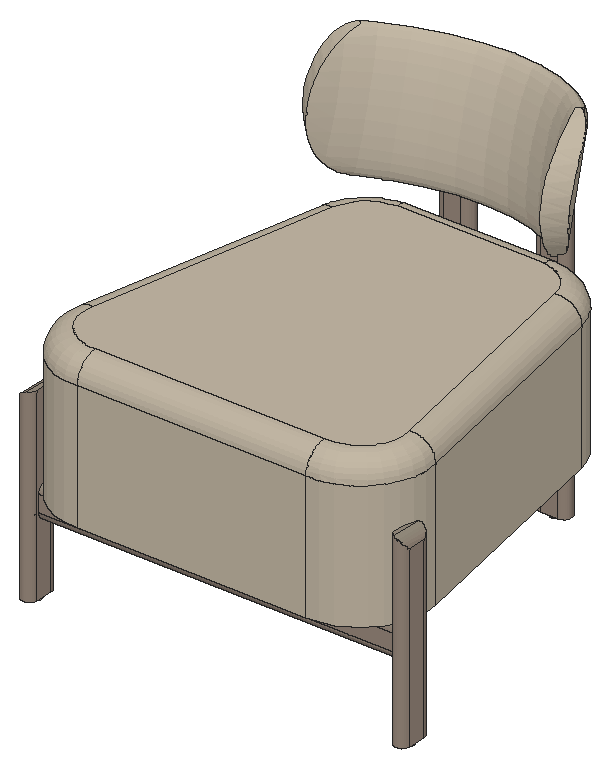
Revit family "FU_Chair_Sandler_Adora 5-2", category Furniture, Revit 2022
Family settings
  OmniClass Number = 23.40.20.00
  OmniClass Title = General Furniture and Specialties
  Work Plane-Based = No
  Always vertical = Yes
  Cut with Voids When Loaded = No
  Render Appearance Source = Family Geometry
  Shared = No
  Room Calculation Point = No
Parameters (values of type "Adora 5.2")
  Width = 670 mm
  URL = "https://www.sandlerseating.com/product/adora-5-2/"
  Seat [instance] = Fabric - Mainline Flax - Upminster MLF20
  Model = "Adora 5.2"
  Manufacturer = "Sandler"
  Height = 700 mm
  Frame [instance] = Ash - Walnut Stain
  Description = "Upholstered lounge chair on wood frame"
  Depth = 700 mm
  Default Elevation = 0 mm
Reference planes
  plane 1 "Center (Front/Back)": y = 0
  plane 2: z = 0
  plane 3 "Center (Left/Right)": x = 0
  plane 4 "Right": x = -335
  plane 5 "Left": x = 335
  plane 6 "Front": y = -350
  plane 7 "Back": y = 350
  plane 8 "Height": z = 700
  plane 9 "Seat height": z = 440
  plane 10 "FL RIGHT": y = -282.481
  plane 11 "BL RIGHT": y = 331.479
  plane 12 "Seat Frame RIGHT": z = 156.168
Forms (mm)
  Sweep 1, solid, material "Ash - Walnut Stain" <- "Frame"
    path origin (0, -282.481, 0) x (0, 0, -1) y (1, 0, 0)
      loop
        line (-6, -322) -> (-331, -322)
    profile "Pro_Ozo_Adora_Frame : Pro_Ozo_Adora_Frame" origin (-322, -282.481, 168.5) x (-1, 0, 0) y (0, -1, 0)
      loop
        arc (13, 15) -> (0, 28) -> (-13, 15) r 13
        line (-13, 15) -> (-13, -15)
        arc (-13, -15) -> (0, -28) -> (13, -15) r 13
        line (13, -15) -> (13, 15)
  Sweep 2, solid, material "Ash - Walnut Stain" <- "Frame"
    path origin (23.6, 331.479, 0) x (0, 0, -1) y (1, 0, 0)
      loop
        line (-6, -107.326) -> (-630.824, -107.326)
    profile "Pro_Ozo_Adora_Frame : Pro_Ozo_Adora_Frame" origin (-83.726, 331.479, 318.412) x (-1, 0, 0) y (0, -1, 0)
      loop
        arc (-15, 13) -> (-28, 0) -> (-15, -13) r 13
        line (-15, -13) -> (15, -13)
        arc (15, -13) -> (28, 0) -> (15, 13) r 13
        line (15, 13) -> (-15, 13)
  Extrusion 3, void
    sketch origin (0, -282.481, -215.853) x (0, 0, -1) y (1, 0, 0)
      loop
        arc (-523.152, -335.43) -> (-538.403, -330.401) -> (-546.853, -316.745) r 23.476
        line (-546.853, -316.745) -> (-551.853, -316.745) -> (-551.853, -340.43) -> (-523.152, -340.43) -> (-523.152, -335.43)
    from -38.331 to 38.415
  Extrusion 4, void
    sketch origin (0, -282.481, -215.853) x (0, 0, -1) y (1, 0, 0)
      loop
        line (-523.152, 335.43) -> (-523.152, 340.43) -> (-551.853, 340.43) -> (-551.853, 316.745) -> (-546.853, 316.745)
        arc (-546.853, 316.745) -> (-538.403, 330.401) -> (-523.152, 335.43) r 23.476
    from -38.331 to 38.415
  Extrusion 5, void
    sketch origin (0, -7.006, 72.12) x (0, 1, 0) y (0, 0, 1)
      loop
        line (357.006, 522.6) -> (362.006, 522.6) -> (362.006, 563.704) -> (326.085, 563.704) -> (326.085, 558.704)
        arc (326.085, 558.704) -> (348.426, 546.545) -> (357.006, 522.6) r 35.709
    from -142.131 to 143.915
  Sweep 6, solid, material "Ash - Walnut Stain" <- "Frame"
    path origin (0, 0, 156.168) x (0, -1, 0) y (1, 0, 0)
      loop
        line (282.481, -322) -> (282.481, 322)
    profile "Pro_Ozo_Adora_Frame : Pro_Ozo_Adora_Frame" origin (0, -282.481, 156.168) x (0, 1, 0) y (0, 0, 1)
      loop
        arc (13, 15) -> (0, 28) -> (-13, 15) r 13
        line (-13, 15) -> (-13, -15)
        arc (-13, -15) -> (0, -28) -> (13, -15) r 13
        line (13, -15) -> (13, 15)
  Sweep 7, solid, material "Ash - Walnut Stain" <- "Frame"
    path origin (-2.895, -24.092, 156.168) x (0, -1, 0) y (1, 0, 0)
      loop
        line (-209.579, -111.105) -> (-209.579, 116.895)
    profile "Pro_Ozo_Adora_Frame : Pro_Ozo_Adora_Frame" origin (0, 185.488, 156.168) x (0, 1, 0) y (0, 0, 1)
      loop
        arc (13, 15) -> (0, 28) -> (-13, 15) r 13
        line (-13, 15) -> (-13, -15)
        arc (-13, -15) -> (0, -28) -> (13, -15) r 13
        line (13, -15) -> (13, 15)
  Sweep 8, solid, material "Ash - Walnut Stain" <- "Frame"
    path origin (0, 0, 156.168) x (0, -1, 0) y (1, 0, 0)
      loop
        line (282.481, -193.694) -> (-331.479, -83.75)
    profile "Pro_Ozo_Adora_Frame : Pro_Ozo_Adora_Frame" origin (-138.722, 24.499, 156.168) x (-0.984342, 0.176269, 0) y (0, 0, 1)
      loop
        arc (13, 15) -> (0, 28) -> (-13, 15) r 13
        line (-13, 15) -> (-13, -15)
        arc (-13, -15) -> (0, -28) -> (13, -15) r 13
        line (13, -15) -> (13, 15)
  Extrusion 9, solid, material "Rubber, Black"
    sketch origin (23.6, 0, 0) x (1, 0, 0) y (0, 1, 0)
      loop
        circle (-107.35, 331.479) r 8.056
    from 0 to 10
  Sweep 10, solid, material "Ash - Walnut Stain" <- "Frame"
    path origin (0, -282.481, 0) x (0, 0, -1) y (1, 0, 0)
      loop
        line (-6, 322) -> (-331, 322)
    profile "Pro_Ozo_Adora_Frame : Pro_Ozo_Adora_Frame" origin (322, -282.481, 168.5) x (-1, 0, 0) y (0, -1, 0)
      loop
        line (-13, 15) -> (-13, -15)
        arc (-13, -15) -> (0, -28) -> (13, -15) r 13
        line (13, -15) -> (13, 15)
        arc (13, 15) -> (0, 28) -> (-13, 15) r 13
  Sweep 11, solid, material "Ash - Walnut Stain" <- "Frame"
    path origin (-23.6, 331.479, 0) x (0, 0, -1) y (1, 0, 0)
      loop
        line (-6, 107.326) -> (-630.824, 107.326)
    profile "Pro_Ozo_Adora_Frame : Pro_Ozo_Adora_Frame" origin (83.726, 331.479, 318.412) x (-1, 0, 0) y (0, -1, 0)
      loop
        line (-15, -13) -> (15, -13)
        arc (15, -13) -> (28, 0) -> (15, 13) r 13
        line (15, 13) -> (-15, 13)
        arc (-15, 13) -> (-28, 0) -> (-15, -13) r 13
  Sweep 12, solid, material "Ash - Walnut Stain" <- "Frame"
    path origin (0, 0, 156.168) x (0, -1, 0) y (1, 0, 0)
      loop
        line (282.481, 193.694) -> (-331.479, 83.75)
    profile "Pro_Ozo_Adora_Frame : Pro_Ozo_Adora_Frame" origin (138.722, 24.499, 156.168) x (-0.984342, -0.176269, 0) y (0, 0, 1)
      loop
        line (-13, 15) -> (-13, -15)
        arc (-13, -15) -> (0, -28) -> (13, -15) r 13
        line (13, -15) -> (13, 15)
        arc (13, 15) -> (0, 28) -> (-13, 15) r 13
  Extrusion 13, solid, material "Rubber, Black"
    sketch origin (-23.6, 0, 0) x (-1, 0, 0) y (0, -1, 0)
      loop
        circle (-107.35, -331.479) r 8.056
    from 0 to 10
  Extrusion 14, solid, material "Rubber, Black"
    sketch origin (-214.602, 48.998, 0) x (1, 0, 0) y (0, 1, 0)
      loop
        circle (-107.35, -331.479) r 8.056
    from 0 to 10
  Extrusion 15, solid, material "Rubber, Black"
    sketch origin (214.602, 48.998, 0) x (-1, 0, 0) y (0, -1, 0)
      loop
        circle (-107.35, 331.479) r 8.056
    from 0 to 10
  Extrusion 16, solid, material "Fabric - Mainline Flax - Upminster MLF20" <- "Seat"
    sketch origin (0, 0, 156.168) x (0, -1, 0) y (1, 0, 0)
      loop
        arc (214.175, -313.363) -> (310.077, -288.264) -> (350, -197.527) r 113.916
        line (350, -197.527) -> (350, 197.527)
        arc (350, 197.527) -> (310.076, 288.264) -> (214.173, 313.365) r 113.916
        line (214.173, 313.365) -> (-203.594, 231.202)
        arc (-203.594, 231.202) -> (-265.897, 194.616) -> (-292.668, 127.508) r 111.443
        line (-292.668, 127.508) -> (-292.668, -127.508)
        arc (-292.668, -127.508) -> (-265.654, -194.898) -> (-202.865, -231.348) r 111.443
        line (-202.865, -231.348) -> (214.175, -313.363)
    from 24.788 to 283.832
  Sweep 17, void
    path in 3D
      loop
        arc (197.527, -350, 440) -> (288.264, -310.076, 440) -> (313.363, -214.174, 440) r 113.916
        line (313.363, -214.174, 440) -> (231.202, 203.594, 440)
        arc (231.202, 203.594, 440) -> (194.616, 265.897, 440) -> (127.508, 292.668, 440) r 111.443
        line (127.508, 292.668, 440) -> (-127.508, 292.668, 440)
        arc (-127.508, 292.668, 440) -> (-194.898, 265.654, 440) -> (-231.348, 202.865, 440) r 111.443
        line (-231.348, 202.865, 440) -> (-313.363, -214.175, 440)
        arc (-313.363, -214.175, 440) -> (-288.264, -310.077, 440) -> (-197.527, -350, 440) r 113.916
        line (-197.527, -350, 440) -> (197.527, -350, 440)
    profile "Pro_edgeCut_40mm : Pro_edgeCut_40mm" origin (0, -350, 440) x (0, 1, 0) y (0, 0, 1)
      loop
        line (7.071, 21.213) -> (-21.213, -7.071) -> (0, -40)
        arc (0, -40) -> (11.716, -11.716) -> (40, 0) r 40
        line (40, 0) -> (7.071, 21.213)
  Sweep 18, solid, material "Fabric - Mainline Flax - Upminster MLF20" <- "Seat"
    path origin (0.252, 266.402, 587.47) x (0, -0.970296, 0.241922) y (1, 0, 0)
      loop
        arc (126.072, -239.845) -> (-57.413, -0.723) -> (126.072, 238.399) r 247.557
    profile "Pro_Ozo_Adora_BacktEdge : Pro_Ozo_Adora_BacktEdge" origin (-0.472, 322.109, 573.581) x (0, 0.970296, -0.241922) y (0, 0.241922, 0.970296)
      loop
        arc (1.473, -104.971) -> (5.001, -97.418) -> (6.5, -89.218) r 32.615
        line (6.5, -89.218) -> (6.5, 89.218)
        arc (6.5, 89.218) -> (5.001, 97.418) -> (1.473, 104.971) r 32.615
        spline (1.473, 104.971) -> (-6.221, 109.996) -> (-13.893, 104.373) -> (-20.802, 88.648) -> (-26.277, 64.341) -> (-29.79, 33.807) -> (-31, 0) -> (-29.79, -33.807) -> (-26.277, -64.341) -> (-20.802, -88.648) -> (-13.893, -104.373) -> (-6.221, -109.996) -> (1.473, -104.971)
  Extrusion 19, void
    sketch origin (-300.846, 488.964, -103.242) x (0.701836, 0.707107, -0.086175) y (0.121869, 0, 0.992546)
      loop
        line (-130.62, 865.273) -> (-324.397, 865.273) -> (-324.397, 572.417) -> (-130.62, 572.417) -> (-130.62, 598.019)
        spline (-130.62, 598.019) -> (-156.502, 601.767) -> (-180.62, 612.756) -> (-201.33, 630.237) -> (-217.222, 653.019) -> (-227.212, 679.548) -> (-230.62, 708.019) -> (-227.212, 736.489) -> (-217.222, 763.019) -> (-201.33, 785.8) -> (-180.62, 803.281) -> (-156.502, 814.27) -> (-130.62, 818.019)
        line (-130.62, 818.019) -> (-130.62, 865.273)
    from 153.514 to 291.931
  Extrusion 20, void
    sketch origin (301.349, 488.964, -103.242) x (-0.701836, 0.707107, -0.086175) y (0.121869, 0, -0.992546)
      loop
        line (-130.62, -865.273) -> (-130.62, -818.019)
        spline (-130.62, -818.019) -> (-156.502, -814.27) -> (-180.62, -803.281) -> (-201.33, -785.8) -> (-217.222, -763.019) -> (-227.212, -736.489) -> (-230.62, -708.019) -> (-227.212, -679.548) -> (-217.222, -653.019) -> (-201.33, -630.237) -> (-180.62, -612.756) -> (-156.502, -601.767) -> (-130.62, -598.019)
        line (-130.62, -598.019) -> (-130.62, -572.417) -> (-324.397, -572.417) -> (-324.397, -865.273) -> (-130.62, -865.273)
    from 153.514 to 291.931
Cuts and joins
  Extrusion 3 cuts Sweep 1
  Extrusion 4 cuts Sweep 10
  Extrusion 5 cuts Sweep 2
  Extrusion 5 cuts Sweep 11
  Sweep 17 cuts Extrusion 16
  Extrusion 19, Extrusion 20 cuts Sweep 18
Lines and regions (mm)
  sketch lines
    curve 1: line (-197.527, -350, 440) -> (197.527, -350, 440)
    curve 2: arc (313.363, -214.174, 440) -> (288.264, -310.076, 440) -> (197.527, -350, 440) r 113.916
    curve 3: line (313.365, -214.173, 440) -> (231.202, 203.594, 440)
    curve 4: arc (127.508, 292.668, 440) -> (194.616, 265.897, 440) -> (231.202, 203.594, 440) r 111.443
    curve 5: line (127.508, 292.668, 440) -> (-127.508, 292.668, 440)
    curve 6: arc (-231.348, 202.865, 440) -> (-194.898, 265.654, 440) -> (-127.508, 292.668, 440) r 111.443
    curve 7: line (-231.348, 202.865, 440) -> (-313.363, -214.175, 440)
    curve 8: arc (-197.527, -350, 440) -> (-288.264, -310.077, 440) -> (-313.363, -214.175, 440) r 113.916
Dimensions and locks
  equal spacing: plane 4 "Right", plane 3 "Center (Left/Right)", plane 5 "Left"
  "Width": plane 4 "Right" to plane 5 "Left"
  equal spacing: plane 6 "Front", plane 1 "Center (Front/Back)", plane 7 "Back"
  "Depth": plane 6 "Front" to plane 7 "Back"
  "Height": plane 8 "Height" to level
  aligned and locked: level to plane 2
Automatic sketch dimensions
  Sweep 1 sketch curve to plane 4 "Right" = 13 mm
  Sweep 1 sketch curve to plane 9 "Seat height" = 109 mm
  level to Sweep 1 sketch curve = 6 mm
  Sweep 2 sketch curve to plane 8 "Height" = 69.176 mm
  Sweep 2 sketch curve to plane 3 "Center (Left/Right)" = 83.726 mm
  level to Sweep 2 sketch curve = 6 mm
  Extrusion 3 sketch curve to plane 4 "Right" = 18.255 mm
  Extrusion 3 sketch curve to plane 9 "Seat height" = 104 mm
  Extrusion 3 sketch curve to Extrusion 3 sketch curve = 5 mm
  Extrusion 3 sketch curve to Extrusion 3 sketch curve = 22.984 mm
  plane 4 "Right" to Extrusion 3 sketch curve = 5.43 mm
  Extrusion 3 sketch curve to Extrusion 3 sketch curve = 0.717 mm
  plane 4 "Right" to Extrusion 3 sketch curve = 0.43 mm
  Extrusion 4 sketch curve to plane 5 "Left" = 18.255 mm
  Extrusion 4 sketch curve to plane 9 "Seat height" = 104 mm
  Extrusion 4 sketch curve to Extrusion 4 sketch curve = 5 mm
  Extrusion 4 sketch curve to Extrusion 4 sketch curve = 22.984 mm
  plane 5 "Left" to Extrusion 4 sketch curve = 5.43 mm
  Extrusion 4 sketch curve to Extrusion 4 sketch curve = 0.717 mm
  Extrusion 4 sketch curve to plane 5 "Left" = 23.035 mm
  Extrusion 5 sketch curve to plane 7 "Back" = 0 mm
  plane 11 "BL RIGHT" to Extrusion 5 sketch curve = 12.399 mm
  plane 11 "BL RIGHT" to Extrusion 5 sketch curve = 17.18 mm
  plane 7 "Back" to Extrusion 5 sketch curve = 5 mm
  Extrusion 5 sketch curve to plane 8 "Height" = 105.28 mm
  Extrusion 5 sketch curve to Extrusion 5 sketch curve = 0.717 mm
  Extrusion 5 sketch curve to Extrusion 5 sketch curve = 5 mm
  plane 10 "FL RIGHT" to Sweep 6 sketch curve = 0 mm
  Sweep 6 sketch curve to plane 4 "Right" = 13 mm
  Sweep 6 sketch curve to plane 5 "Left" = 13 mm
  plane 11 "BL RIGHT" to Sweep 7 sketch curve = 145.991 mm
  Sweep 7 sketch curve to plane 3 "Center (Left/Right)" = 114 mm
  plane 3 "Center (Left/Right)" to Sweep 7 sketch curve = 114 mm
  plane 11 "BL RIGHT" to Sweep 8 sketch curve = 0 mm
  plane 10 "FL RIGHT" to Sweep 8 sketch curve = 0 mm
  Sweep 8 sketch curve to plane 4 "Right" = 141.306 mm
  Sweep 8 sketch curve to plane 3 "Center (Left/Right)" = 83.75 mm
  plane 11 "BL RIGHT" to Extrusion 9 sketch curve = 0 mm
  Extrusion 9 sketch curve to plane 3 "Center (Left/Right)" = 83.75 mm
  Sweep 10 sketch curve to plane 5 "Left" = 13 mm
  Sweep 10 sketch curve to plane 9 "Seat height" = 109 mm
  level to Sweep 10 sketch curve = 6 mm
  Sweep 11 sketch curve to plane 8 "Height" = 69.176 mm
  plane 3 "Center (Left/Right)" to Sweep 11 sketch curve = 83.726 mm
  level to Sweep 11 sketch curve = 6 mm
  plane 11 "BL RIGHT" to Sweep 12 sketch curve = 0 mm
  plane 10 "FL RIGHT" to Sweep 12 sketch curve = 0 mm
  plane 3 "Center (Left/Right)" to Sweep 12 sketch curve = 83.75 mm
  Sweep 12 sketch curve to plane 5 "Left" = 141.306 mm
  plane 11 "BL RIGHT" to Extrusion 13 sketch curve = 0 mm
  plane 3 "Center (Left/Right)" to Extrusion 13 sketch curve = 83.75 mm
  plane 10 "FL RIGHT" to Extrusion 14 sketch curve = 0 mm
  Extrusion 14 sketch curve to plane 4 "Right" = 13.048 mm
  plane 10 "FL RIGHT" to Extrusion 15 sketch curve = 0 mm
  Extrusion 15 sketch curve to plane 5 "Left" = 13.048 mm
  plane 6 "Front" to Extrusion 16 sketch curve = 0 mm
  Extrusion 16 sketch curve to plane 10 "FL RIGHT" = 46.324 mm  (x2)
  Extrusion 16 sketch curve to plane 5 "Left" = 21.635 mm
  Extrusion 16 sketch curve to plane 10 "FL RIGHT" = 68.307 mm
  Extrusion 16 sketch curve to plane 4 "Right" = 21.637 mm
  Extrusion 16 sketch curve to plane 10 "FL RIGHT" = 68.306 mm
  plane 11 "BL RIGHT" to Extrusion 16 sketch curve = 150.118 mm  (x2)
  Extrusion 16 sketch curve to Extrusion 16 sketch curve = 21.505 mm
  Extrusion 16 sketch curve to Extrusion 16 sketch curve = 22.233 mm
  plane 11 "BL RIGHT" to Extrusion 16 sketch curve = 38.811 mm
  Extrusion 16 sketch curve to plane 4 "Right" = 103.652 mm
  Extrusion 16 sketch curve to Extrusion 16 sketch curve = 111.775 mm
  Extrusion 16 sketch curve to plane 3 "Center (Left/Right)" = 127.508 mm
  plane 3 "Center (Left/Right)" to Extrusion 16 sketch curve = 121.999 mm
  Extrusion 16 sketch curve to plane 5 "Left" = 137.473 mm
  Extrusion 16 sketch curve to Extrusion 16 sketch curve = 4.061 mm
  Extrusion 16 sketch curve to plane 5 "Left" = 103.798 mm
  Extrusion 16 sketch curve to Extrusion 16 sketch curve = 0 mm
  Sweep 18 sketch curve to plane 3 "Center (Left/Right)" = 0.472 mm
  Sweep 18 sketch curve to plane 5 "Left" = 96.35 mm
  Sweep 18 sketch curve to Sweep 18 sketch curve = 64.073 mm
  Sweep 18 sketch curve to plane 4 "Right" = 95.406 mm
  Extrusion 19 sketch curve to Extrusion 19 sketch curve = 193.778 mm
  Extrusion 19 sketch curve to Extrusion 19 sketch curve = 0 mm
  Extrusion 19 sketch curve to Extrusion 19 sketch curve = 245.601 mm
  Extrusion 19 sketch curve to Extrusion 19 sketch curve = 47.255 mm
  Extrusion 19 sketch curve to Extrusion 19 sketch curve = 100 mm
  Extrusion 19 sketch curve to Extrusion 19 sketch curve = 25.601 mm
  Extrusion 20 sketch curve to Extrusion 20 sketch curve = 193.778 mm
  Extrusion 20 sketch curve to Extrusion 20 sketch curve = 0 mm
  Extrusion 20 sketch curve to Extrusion 20 sketch curve = 47.255 mm
  Extrusion 20 sketch curve to Extrusion 20 sketch curve = 292.856 mm
  Extrusion 20 sketch curve to Extrusion 20 sketch curve = 100 mm
  Extrusion 20 sketch curve to Extrusion 20 sketch curve = 110 mm
  radius of Extrusion 9 sketch curve = 8.056 mm
  radius of Extrusion 13 sketch curve = 8.056 mm
  radius of Extrusion 14 sketch curve = 8.056 mm
  radius of Extrusion 15 sketch curve = 8.056 mm
